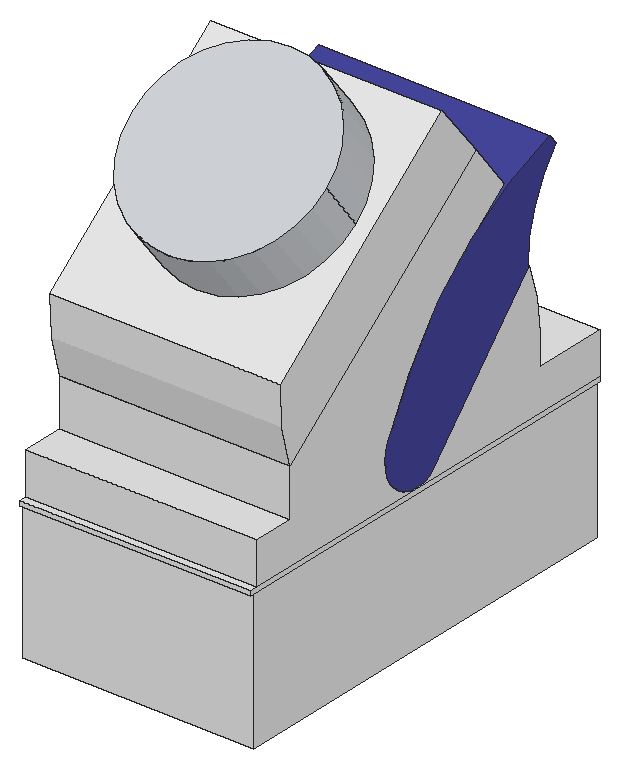
Revit family "Building-IEC309Connections-GEWISS-COMBIBLOC-INTERLOCKED-SOCKET-OUTLETS_IP44", category Apparecchi elettrici, host Superficie, Revit 2019
Family settings
  Host = Superficie
  Mantenere orientamento annotazione = Sì
  Quota connettore circolare = Usa diametro
  Tipo di parte = Normale
  Taglio con vuoti quando caricato = No
  Condiviso = No
  Punto di calcolo locali = Sì
Parameters (values of type "GW66420 - COMBIBLOC W.B.IP44 3P+N+E 32A 400V 6H")
  visibilita posizionamento 2d [instance] = yes
  simbolo acceso [instance] = yes
  oggetto in pianta [instance] = not(visibilita posizionamento 2d)  # no
  distanza_simbolo [instance] = 1 mm
  distanza dal piano [instance] = 10 mm
  With back-mounting box = "Yes"
  W = 115 mm  # constant formula
  Voltaggio = 0 V
  Version file RFA = "21.4"
  VETRO = Vetro
  URL = "https://www.gewiss.com/ww/en"
  Typology = "Compact"
  Thermo-pressure with ball = "125 °C (active parts) - 80 °C (passive parts)"
  Technical sheet = "https://www.gewiss.com/ww/en/search?q=GW66420"
  Spostamento_effettivo_S [instance] = 4000 mm - Spostamento_S  # 2500 mm
  Spostamento_S = 1500 mm
  Simbolo circuito [instance] = not(simbolo acceso)  # no
  Shock resistance = "IK08"
  STRUTTURA ALTA = blue
  STRUTTURA = RAL - 7035
  SEO = "Interlocked outlet"
  Reference h = "6"
  Realized by GEWISS S.p.A. = ""
  Rated voltage = "380-415V"
  Rated current (A) = "32"
  Protection = "NO (SBF)"
  Default Elevation = 1219.2 mm
  Produttore = "GEWISS S.p.A."
  PRESA = Giallo
  POMELLO = bianco
  Operating temperature: = "-25 +40 °C"
  No. of poles = "3P+N+E"
  N.poli = 1
  Modello = "GW66420"
  L = 155 mm  # constant formula
  Immagine tipo = COMBIBLOC44Fondo.jpg
  IP degree = "IP44"
  IDT = "5f0ae1981d6d44abab9cf411e87918d1"
  IDF = "84bc4959-b64c-441e-bbe7-8f1f00ec2266"
  Glow wire test: = "850 °C (active parts) - 650 °C (passive parts)"
  Frequency = "50/60 Hz"
  FORMULA = 1000 mm * 1  # 1000 mm
  Electrocod = "2220"
  Descrizione = "COMBIBLOC W.B.IP44 3P+N+E 32A 400V 6H"
  Colour: = "Red"
  Catalogue = "BUILDING"
  COBie.Tagnumber = ""
  COBie.CreatedOn = ""
  COBie.CreatebBy = ""
  COBie.ComponentRegisterItemID = ""
  COBie.Component.TagNumber = ""
  COBie.Component.Space = ""
  COBie.Component.SerialNumber = ""
  COBie.Component.InstallationDate = ""
  COBie.Component.Description = ""
  COBie.Component.BarCode = ""
  BLOCCO = "B=C"
Types (18, lengths in mm): name | Technical sheet | Reference h | Rated voltage | Rated current (A) | No. of poles | Modello | IDT | Descrizione | Colour:
  GW66401 - COMBIBLOC W.B.IP44 2P+E 16A 110V 4H | "https://www.gewiss.com/ww/en/search?q=GW66401" | "4" | "100-130V" | "16" | "2P+E" | "GW66401" | "22bf0babce454bb480f483bc429d381f" | "COMBIBLOC W.B.IP44 2P+E 16A 110V 4H" | "Yellow"
  GW66402 - COMBIBLOC W.B.IP44 3P+E 16A 110V 4H | "https://www.gewiss.com/ww/en/search?q=GW66402" | "4" | "100-130V" | "16" | "3P+E" | "GW66402" | "8ebfc1b586fa446db47272a11f8f320e" | "COMBIBLOC W.B.IP44 3P+E 16A 110V 4H" | "Yellow"
  GW66403 - COMBIBLOC W.B.IP44 3P+N+E 16A 110V 4H | "https://www.gewiss.com/ww/en/search?q=GW66403" | "4" | "100-130V" | "16" | "3P+N+E" | "GW66403" | "7faec69caf6c45e190af348830bb871c" | "COMBIBLOC W.B.IP44 3P+N+E 16A 110V 4H" | "Yellow"
  GW66404 - COMBIBLOC W.B.IP44 2P+E 16A 230V 6H | "https://www.gewiss.com/ww/en/search?q=GW66404" | "6" | "200-250V" | "16" | "2P+E" | "GW66404" | "0a4a1d563f9b4997a65f31662efdbb7f" | "COMBIBLOC W.B.IP44 2P+E 16A 230V 6H" | "Blue"
  GW66405 - COMBIBLOC W.B.IP44 3P+E 16A 230V 9H | "https://www.gewiss.com/ww/en/search?q=GW66405" | "9" | "200-250V" | "16" | "3P+E" | "GW66405" | "8acfa59c6bba4050b7a79a8046109eff" | "COMBIBLOC W.B.IP44 3P+E 16A 230V 9H" | "Blue"
  GW66406 - COMBIBLOC W.B.IP44 3P+N+E 16A 230V 9H | "https://www.gewiss.com/ww/en/search?q=GW66406" | "9" | "200-250V" | "16" | "3P+N+E" | "GW66406" | "8a1e610acfe640a28e382b85c5fcb5d6" | "COMBIBLOC W.B.IP44 3P+N+E 16A 230V 9H" | "Blue"
  GW66407 - COMBIBLOC W.B.IP44 2P+E 16A 400V 9H | "https://www.gewiss.com/ww/en/search?q=GW66407" | "9" | "380-415V" | "16" | "2P+E" | "GW66407" | "780f76448afd40409b1cc483600eae85" | "COMBIBLOC W.B.IP44 2P+E 16A 400V 9H" | "Red"
  GW66408 - COMBIBLOC W.B.IP44 3P+E 16A 400V 6H | "https://www.gewiss.com/ww/en/search?q=GW66408" | "6" | "380-415V" | "16" | "3P+E" | "GW66408" | "bc44cfac08b24d38a375696a35ec6e86" | "COMBIBLOC W.B.IP44 3P+E 16A 400V 6H" | "Red"
  GW66409 - COMBIBLOC W.B.IP44 3P+N+E 16A 400V 6H | "https://www.gewiss.com/ww/en/search?q=GW66409" | "6" | "380-415V" | "16" | "3P+N+E" | "GW66409" | "35119125c5c84e868044faa6b178d73a" | "COMBIBLOC W.B.IP44 3P+N+E 16A 400V 6H" | "Red"
  GW66412 - COMBIBLOC W.B.IP44 2P+E 32A 110V4H | "https://www.gewiss.com/ww/en/search?q=GW66412" | "4" | "100-130V" | "32" | "2P+E" | "GW66412" | "c10c77a8f6c34f94996128e68b5eb84d" | "COMBIBLOC W.B.IP44 2P+E 32A 110V4H" | "Yellow"
  GW66413 - COMBIBLOC W.B.IP44 3P+E 32A 110V 4H | "https://www.gewiss.com/ww/en/search?q=GW66413" | "4" | "100-130V" | "32" | "3P+E" | "GW66413" | "32fed839c1d4447fa2417f8e09349cb2" | "COMBIBLOC W.B.IP44 3P+E 32A 110V 4H" | "Yellow"
  GW66414 - COMBIBLOC W.B.IP44 3P+N+E 32A 110V 4H | "https://www.gewiss.com/ww/en/search?q=GW66414" | "4" | "100-130V" | "32" | "3P+N+E" | "GW66414" | "2e50ece5a8044b13a8906b610f5d3976" | "COMBIBLOC W.B.IP44 3P+N+E 32A 110V 4H" | "Yellow"
  GW66415 - COMBIBLOC W.B.IP44 2P+E 32A 230V 6H | "https://www.gewiss.com/ww/en/search?q=GW66415" | "6" | "200-250V" | "32" | "2P+E" | "GW66415" | "2f98e8b6ec0d4d2b87f15bb2fb2f1203" | "COMBIBLOC W.B.IP44 2P+E 32A 230V 6H" | "Blue"
  GW66416 - COMBIBLOC W.B.IP44 3P+E 32A 230V 9H | "https://www.gewiss.com/ww/en/search?q=GW66416" | "9" | "200-250V" | "32" | "3P+E" | "GW66416" | "85952252d72745bb8f018c28cabab399" | "COMBIBLOC W.B.IP44 3P+E 32A 230V 9H" | "Blue"
  GW66417 - COMBIBLOC W.B.IP44 3P+N+E 32A 230V 9H | "https://www.gewiss.com/ww/en/search?q=GW66417" | "9" | "200-250V" | "32" | "3P+N+E" | "GW66417" | "f70bc6e1baf94dabbc19a98f7c2b5677" | "COMBIBLOC W.B.IP44 3P+N+E 32A 230V 9H" | "Blue"
  GW66418 - COMBIBLOC W.B.IP44 2P+E 32A 400V 9H | "https://www.gewiss.com/ww/en/search?q=GW66418" | "9" | "380-415V" | "32" | "2P+E" | "GW66418" | "0912e93ec8754a71bfe4731f6d58cb5e" | "COMBIBLOC W.B.IP44 2P+E 32A 400V 9H" | "Red"
  GW66419 - COMBIBLOC W.B.IP44 3P+E 32A 400V 6H | "https://www.gewiss.com/ww/en/search?q=GW66419" | "6" | "380-415V" | "32" | "3P+E" | "GW66419" | "5349e726c84f4d7fb9415b6655b523f3" | "COMBIBLOC W.B.IP44 3P+E 32A 400V 6H" | "Red"
  GW66420 - COMBIBLOC W.B.IP44 3P+N+E 32A 400V 6H | "https://www.gewiss.com/ww/en/search?q=GW66420" | "6" | "380-415V" | "32" | "3P+N+E" | "GW66420" | "5f0ae1981d6d44abab9cf411e87918d1" | "COMBIBLOC W.B.IP44 3P+N+E 32A 400V 6H" | "Red"
Reference planes
  plane 1 "Centro (Fronte/Retro)": y = 0
  plane 2: z = 0
  plane 3 "Centro (Sinistra/Destra)": x = 0
  plane 4: x = -3000
  plane 5: x = -500
  plane 6: z = 10
Lines and regions (mm)
  symbolic lines, visible <- "visibilita posizionamento 2d"
    curve 1: line (0, 0, 10) -> (0, 0, 155)
    curve 2: line (0, 0, 155) -> (71, 0, 155)
    curve 3: line (71, 0, 155) -> (71, 0, 10)
    curve 4: line (0, 0, 10) -> (71, 0, 10)
  symbolic lines, visible <- "visibilita posizionamento 2d", not visible
    curve 5: line (0, 0, 0) -> (0, 0, 145)
    curve 6: line (0, 0, 145) -> (71, 0, 145)
    curve 7: line (71, 0, 145) -> (71, 0, 0)
    curve 8: line (0, 0, 0) -> (71, 0, 0)
Dimensions and locks
  plane 4 to plane 3 "Centro (Sinistra/Destra)" = 3000 mm
  "Spostamento_effettivo_S": plane 4 to plane 5
  "distanza dal piano": plane 6 to plane 2
  aligned and locked: plane 2 to host face
  aligned and locked: level to host face
  aligned and locked: nested 1 to plane 5
  aligned and locked: curve 4 to plane 6
  aligned and locked: plane 5 to nested 2
  aligned and locked: plane 3 "Centro (Sinistra/Destra)" to nested 3
Automatic sketch dimensions
  host sketch curve to host sketch curve = 2438.4 mm  (x2)
  curve 1 to curve 3 = 71 mm
  curve 3 to curve 3 = 145 mm
  curve 5 to curve 7 = 71 mm
  curve 7 to curve 7 = 145 mm
Nested families
  nested 1: "PRESAINDPFUS" at (-500, 247.795, 0), SIMBOLO ACCESO <- "simbolo acceso", Distanza dal muro <- "distanza_simbolo", visible <- "simbolo acceso", type "3P"
    with SIMBOLO ACCESO yes, Distanza dal muro 1 mm, BORDO ACCESO yes
  nested 2: "simbolo_circuitoGW66201N" at (-499.076, 249.682, 0), Distanza dal muro <- "distanza_simbolo", visible <- "Simbolo circuito", type "3P"
    with SIMBOLO ACCESO yes, Distanza dal muro 1 mm, BORDO ACCESO yes
  nested 3: "COMBIBLOC S.F.IP44 2P+T 16A 110V 4H.rfa_BASE" at (0, -8.089, 0), type "COMBIBLOC S.F.IP44 2P+T 16A 110V 4H.rfa_BASE"
Definition of nested family "COMBIBLOC S.F.IP44 2P+T 16A 110V 4H.rfa_BASE"
  Parameters (values of type "COMBIBLOC S.F.IP44 2P+T 16A 110V 4H.rfa_BASE")
    CENTRALE = none
  Reference planes
    plane 1 "Centro (Fronte/Retro)": y = 0
    plane 2: z = 0
    plane 3 "Centro (Sinistra/Destra)": x = 0
    plane 4 "EEE": through (4267.2, -291.041, 143.375) normal (0, -0.788, -0.6157)
    plane 5: x = 71
    plane 6: x = 51
    plane 7: x = 48
  Forms (mm)
    Extrusion 1, solid
      sketch origin (0, -203.338, -194.725) x (0, 0, -1) y (0, 1, 0)
        loop
          line (-194.725, 132.823) -> (-194.725, 264.821) -> (-237.225, 264.821) -> (-237.225, 132.823) -> (-194.725, 132.823)
      from 0 to 71
    Extrusion 2, solid
      sketch origin (0, -203.338, -194.725) x (0, 0, -1) y (0, 1, 0)
        loop
          line (-322.202, 218.222) -> (-266.481, 146.902) -> (-251.685, 146.876) -> (-251.685, 134.073) -> (-238.63, 134.073) -> (-238.63, 266.073) -> (-251.685, 266.073) -> (-251.685, 242.988) -> (-260.817, 242.988)
          arc (-260.817, 242.988) -> (-271.303, 241.907) -> (-281.357, 238.739) r 51.89
          line (-281.357, 238.739) -> (-239.989, 200.756)
          arc (-239.989, 200.756) -> (-243.657, 186.196) -> (-258.66, 185.608) r 12.53
          arc (-258.66, 185.608) -> (-277.82, 196.415) -> (-294.049, 211.266) r 96.883
          arc (-294.049, 211.266) -> (-301.135, 220.206) -> (-308.19, 229.17) r 3334.308
          line (-308.19, 229.17) -> (-322.202, 218.222)
      from 0 to 71
    Extrusion 3, solid
      sketch origin (0, -203.338, -194.725) x (0, 0, -1) y (0, 1, 0)
        loop
          arc (-313.71, 246.882) -> (-293.021, 210.103) -> (-258.66, 185.608) r 96.883
          arc (-258.66, 185.608) -> (-243.657, 186.196) -> (-239.989, 200.756) r 12.53
          line (-239.989, 200.756) -> (-280.857, 238.28)
          arc (-280.857, 238.28) -> (-296.734, 241.043) -> (-310.55, 249.339) r 43.984
          line (-310.55, 249.339) -> (-313.71, 246.882)
      from 0 to 71
    Extrusion 4, solid
      sketch origin (0, -203.338, -194.725) x (0, 0, -1) y (0, 1, 0)
        loop
          line (-322.202, 218.222) -> (-338.825, 205.235) -> (-290.465, 143.337)
          arc (-290.465, 143.337) -> (-278.287, 143.866) -> (-266.482, 146.903) r 58.569
          line (-266.482, 146.903) -> (-322.202, 218.222)
      from 0 to 71
    Extrusion 5, solid
      sketch origin (2.5, -229.189, -136.882) x (0, -0.788011, -0.615661) y (1, 0, 0)
        loop
          circle (-320.903, 33.712) r 30
      from 79.145 to 97.62
    Extrusion 6, solid
      sketch origin (0, 52.766, 5.365) x (0, 0, -1) y (0, 1, 0)
        loop
          line (-38.54, 9.97) -> (-38.54, -124.428) -> (-37.165, -124.428) -> (-37.165, 9.97) -> (-38.54, 9.97)
      from 0 to 71
    Extrusion 7, solid, not visible
      sketch origin (0, 200.09, -256.103) x (0, 1, 0) y (0, 0, 1)
        loop
          line (-194.725, 132.823) -> (-194.725, 264.821) -> (-237.225, 264.821) -> (-237.225, 132.823) -> (-194.725, 132.823)
      from 0 to 71
    Extrusion 8, solid, not visible
      sketch origin (0, 200.09, -256.103) x (0, 1, 0) y (0, 0, 1)
        loop
          line (-322.202, 218.222) -> (-266.481, 146.902) -> (-251.685, 146.876) -> (-251.685, 134.073) -> (-238.63, 134.073) -> (-238.63, 266.073) -> (-251.685, 266.073) -> (-251.685, 242.988) -> (-260.817, 242.988)
          arc (-260.817, 242.988) -> (-271.303, 241.907) -> (-281.357, 238.739) r 51.89
          line (-281.357, 238.739) -> (-239.989, 200.756)
          arc (-239.989, 200.756) -> (-243.657, 186.196) -> (-258.66, 185.608) r 12.53
          arc (-258.66, 185.608) -> (-277.82, 196.415) -> (-294.049, 211.266) r 96.883
          arc (-294.049, 211.266) -> (-301.135, 220.206) -> (-308.19, 229.17) r 3334.308
          line (-308.19, 229.17) -> (-322.202, 218.222)
      from 0 to 71
    Extrusion 9, solid, not visible
      sketch origin (0, 200.09, -256.103) x (0, 1, 0) y (0, 0, 1)
        loop
          arc (-313.71, 246.882) -> (-293.021, 210.103) -> (-258.66, 185.608) r 96.883
          arc (-258.66, 185.608) -> (-243.657, 186.196) -> (-239.989, 200.756) r 12.53
          line (-239.989, 200.756) -> (-280.857, 238.28)
          arc (-280.857, 238.28) -> (-296.734, 241.043) -> (-310.55, 249.339) r 43.984
          line (-310.55, 249.339) -> (-313.71, 246.882)
      from 0 to 71
    Extrusion 10, solid, not visible
      sketch origin (0, 200.09, -256.103) x (0, 1, 0) y (0, 0, 1)
        loop
          line (-322.202, 218.222) -> (-338.825, 205.235) -> (-290.465, 143.337)
          arc (-290.465, 143.337) -> (-278.287, 143.866) -> (-266.482, 146.903) r 58.569
          line (-266.482, 146.903) -> (-322.202, 218.222)
      from 0 to 71
    Extrusion 11, solid, not visible
      sketch origin (2.5, 142.247, -281.955) x (0, 0.615661, -0.788011) y (1, 0, 0)
        loop
          circle (-320.903, 33.712) r 30
      from 79.145 to 97.62
    Extrusion 12, solid, not visible
      sketch origin (0, 0, 0) x (0, 1, 0) y (0, 0, 1)
        loop
          line (-38.54, 9.97) -> (-38.54, -124.428) -> (-37.165, -124.428) -> (-37.165, 9.97) -> (-38.54, 9.97)
      from 0 to 71
  Dimensions and locks
    plane 3 "Centro (Sinistra/Destra)" to plane 5 = 71 mm
    locked: plane 7 to plane 6 at 3
    aligned and locked: level to plane 2
    aligned and locked: Extrusion 1 to plane 5
    aligned and locked: Extrusion 1 to Extrusion 2
    aligned and locked: Extrusion 3 to Extrusion 1
    aligned and locked: Extrusion 4 to Extrusion 1
    aligned and locked: Extrusion 1 to Extrusion 6
    aligned and locked: Extrusion 5 to Extrusion 4
    aligned and locked: Extrusion 11 to Extrusion 10
Definition of nested family "PRESAINDPFUS"
  Parameters (values of type "2P")
    SIMBOLO ACCESO [instance] = yes
    SIMBOLO = PRESAINDPFUS_BASE : 2P
    Distanza dal muro [instance] = 0 mm
    BORDO ACCESO [instance] = yes
  Types (2, lengths in mm): name | SIMBOLO
    2P | PRESAINDPFUS_BASE : 2P
    3P | PRESAINDPFUS_BASE : 3P
  Reference planes
    plane 1: y = 0
    plane 2: x = 0
  Dimensions and locks
    "Distanza dal muro": plane 1 to nested 1
    aligned and locked: plane 2 to nested 1
  Nested families
    nested 1: "PRESAINDPFUS_BASE" at (0, 0, 0), type <- "SIMBOLO", CORNICE SIMBOLO <- "BORDO ACCESO", visible <- "SIMBOLO ACCESO", type "2P"
  Definition of nested family "PRESAINDPFUS_BASE"
    Parameters (values of type "3P")
      CORNICE SIMBOLO [instance] = yes
      3P = yes
    Types (2, lengths in mm): name | 3P
      3P | yes
      2P | no
    Reference planes
      plane 1: y = 0
      plane 2: x = 0
    Lines and regions (mm)
      detail lines, visible <- "CORNICE SIMBOLO"
        curve 1: line (-0.9, 2.4, 0) -> (0.9, 2.4, 0)
        curve 2: line (0.9, 2.4, 0) -> (0.9, 0.1, 0)
        curve 3: line (0.9, 0.1, 0) -> (-0.9, 0.1, 0)
        curve 4: line (-0.9, 0.1, 0) -> (-0.9, 2.4, 0)
      detail lines, not visible
        curve 5: line (-2.443, 10.208, 0) -> (2.057, 10.208, 0)
        curve 6: line (2.057, 10.208, 0) -> (2.057, 4.208, 0)
        curve 7: line (2.057, 4.208, 0) -> (-2.443, 4.208, 0)
        curve 8: line (-2.443, 4.208, 0) -> (-2.443, 10.208, 0)
        curve 9: line (-2.043, 9.808, 0) -> (1.657, 9.808, 0)
        curve 10: line (1.657, 9.808, 0) -> (1.657, 4.608, 0)
        curve 11: line (1.657, 4.608, 0) -> (-2.043, 4.608, 0)
        curve 12: line (-2.043, 4.608, 0) -> (-2.043, 9.808, 0)
      detail lines
        curve 13: line (-0.45, 1.069, 0) -> (-0.167, 1.069, 0)
        curve 14: line (-0.167, 1.069, 0) -> (0.33, 1.929, 0)
        curve 15: line (0.33, 1.929, 0) -> (0.836, 1.636, 0)
        curve 16: line (-0.167, 1.069, 0) -> (-0.45, 0.578, 0)
        curve 17: line (-0.45, 0.578, 0) -> (-0.45, 2.341, 0)
        curve 18: line (0.135, 1.591, 0) -> (0.641, 1.299, 0)
        curve 19: line (-0.84, 0.578, 0) -> (-0.06, 0.578, 0)
        curve 20: line (-0.45, 0.952, 0) -> (-0.333, 1.069, 0)
        curve 21: line (-0.45, 0.883, 0) -> (-0.264, 1.069, 0)
        curve 22: line (-0.45, 0.814, 0) -> (-0.195, 1.069, 0)
        curve 23: line (-0.45, 0.745, 0) -> (-0.223, 0.972, 0)
        curve 24: line (-0.45, 0.676, 0) -> (-0.317, 0.809, 0)
        curve 26: arc (-0.84, 0.189, 0) -> (-0.45, 0.578, 0) -> (-0.06, 0.189, 0) r 0.39
        curve 27: line (-0.608, 1.243, 0) -> (-0.608, 2.064, 0)
        curve 28: line (-0.608, 2.064, 0) -> (-0.292, 2.064, 0)
        curve 29: line (-0.292, 2.064, 0) -> (-0.292, 1.243, 0)
        curve 30: line (-0.292, 1.243, 0) -> (-0.608, 1.243, 0)
      detail lines, visible <- "3P"
        curve 25: line (-0.06, 1.254, 0) -> (0.446, 0.961, 0)
Definition of nested family "simbolo_circuitoGW66201N"
  Parameters (values of type "3P")
    SIMBOLO ACCESO [instance] = yes
    SIMBOLO = PRESAINDSTAGNA_BASE : 3P
    Distanza dal muro [instance] = 0 mm
    BORDO ACCESO [instance] = yes
  Reference planes
    plane 1: y = 0
    plane 2: x = 0
  Dimensions and locks
    "Distanza dal muro": plane 1 to nested 1
    aligned and locked: plane 2 to nested 1
  Nested families
    nested 1: "GW66201N-simb_base_di circuito" at (0, 0, 0), visible <- "SIMBOLO ACCESO", type "3P"
      with CORNICE SIMBOLO yes
  Definition of nested family "GW66201N-simb_base_di circuito"
    Parameters (values of type "3P")
      CORNICE SIMBOLO [instance] = yes
      3P = yes
    Types (2, lengths in mm): name | 3P
      3P | yes
      2P | no
    Reference planes
      plane 1: y = 0
      plane 2: x = 0
    Lines and regions (mm)
      detail lines, not visible
        curve 1: line (-2.443, 10.208, 0) -> (2.057, 10.208, 0)
        curve 2: line (2.057, 10.208, 0) -> (2.057, 4.208, 0)
        curve 3: line (2.057, 4.208, 0) -> (-2.443, 4.208, 0)
        curve 4: line (-2.443, 4.208, 0) -> (-2.443, 10.208, 0)
        curve 5: line (-2.043, 9.808, 0) -> (1.657, 9.808, 0)
        curve 6: line (1.657, 9.808, 0) -> (1.657, 4.608, 0)
        curve 7: line (1.657, 4.608, 0) -> (-2.043, 4.608, 0)
        curve 8: line (-2.043, 4.608, 0) -> (-2.043, 9.808, 0)
    Dimensions and locks
      aligned and locked: import instance to plane 2
      aligned and locked: plane 1 to import instance
